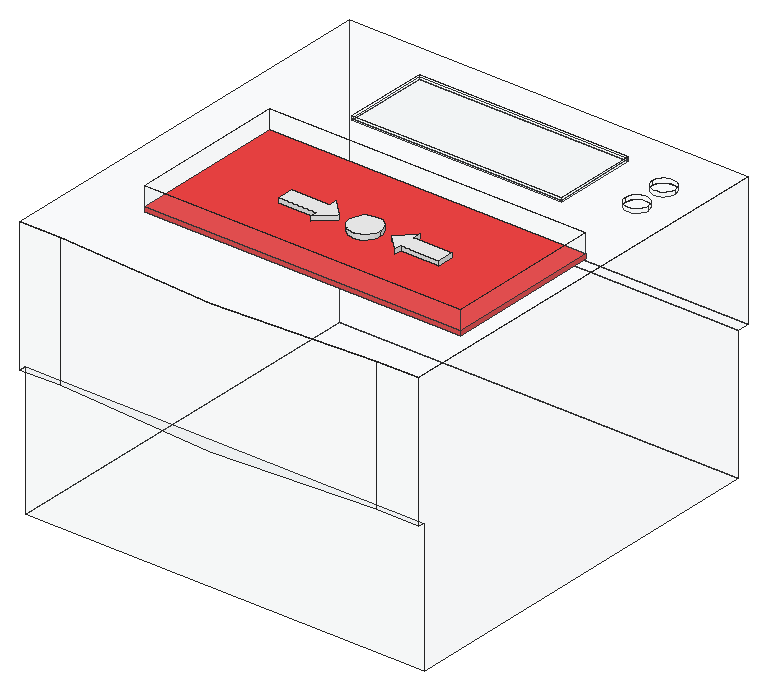
Revit family "Maxlogic Extinguishant manual release button", category Fire Alarm Devices, host Face, Revit 2022
Family settings
  Host = Face
  Round Connector Dimension = Use Diameter
  Part Type = Normal
  OmniClass Number = 23.85.30.21
  OmniClass Title = Environmental Detection/Registration
  Cut with Voids When Loaded = No
  Maintain Annotation Orientation = Yes
  Shared = No
  Room Calculation Point = No
Parameters (values of type "Maxlogic Extinguishant manual release button")
  Weight = "140 gr."
  Weatherproof surface mounting back box = ""
  Warranty Duration Unit = "Year"
  Warranty Duration Parts = "2"
  Warranty Duration Labor = "2"
  Version = ""
  URL = "https://www.mavili.com.tr/en"
  Recessed mounting base = ""
  Public Works Pose Number = "833-260"
  Protective Cover = "ML-0710"
  Protection Sign = "IP22D"
  Product Code = "ML-2710.MR"
  Phone Number = "(+)90 216 466 45 05"
  Operatonal Voltage (default) = "24 V/DC"
  Operating voltage range = "10-30 V/DC"
  Operating temperature = "(-10°C) - (+55°C)"
  Nominal Depth = "58 mm"
  Nominal Width = "87 mm"
  Nominal Height = "91 mm"
  Mounting surface = "Wall mounting"
  Mounting height = "140 cm above from ground (+/-200mm)"
  Model = "MaxLogic"
  Manufacturer = "Mavili Elektronik Ticaret A.Ş."
  Installation Manual = "https://mavilielektronik.com/Revit/ML2710MR_kk.pdf"
  Indicator output = ""
  Fax Number = "(+)90 216 466 45 10"
  External supply = ""
  Email = "mavili@mavili.com.tr"
  Disclaimer = ""
  Device Adress Setup = ""
  Description = "Extinguishant manual release button"
  Default Elevation = 0 mm
  Current consumption = ""
  Cost unıt = ""
  Cost = 0
  Compatible sockets = ""
  Color = "Yellow"
  Code Performance = "EN 12094-3"
  Main Material = "Yellow Plastic ABS"
  Secondary Material = "Plastic"
  Address line 1 = "Şerifali Mahallesi Kutup Sokak No:27/1-2-4 Ümraniye TR-34775 İSTANBUL"
Reference planes
  plane 1 "Center (Front/Back)": y = 0
  plane 2: z = 0
  plane 3 "Center (Left/Right)": x = 0
Forms (mm)
  Extrusion 1, solid, material "Mavili sarı"
    sketch origin (0, 0, 0) x (1, 0, 0) y (0, 1, 0)
      loop
        line (0, 89.883) -> (0, 0) -> (8.74, 0)
        arc (8.74, 0) -> (43.246, -2.016) -> (77.752, 0) r 296.28
        line (77.752, 0) -> (87.027, 0) -> (87.027, 89.883) -> (0, 89.883)
    from 0 to 58
  Extrusion 2, void
    sketch origin (0, 0, 0) x (0, 1, 0) y (0, 0, 1)
      loop
        line (89.883, 29.005) -> (87.283, 29.005) -> (87.283, -4.106) -> (89.883, -4.106) -> (89.883, 29.005)
    from 0 to 90.479
  Extrusion 3, void
    sketch origin (0, 0, 0) x (0, 1, 0) y (0, 0, 1)
      loop
        line (-3.567, 28.975) -> (-3.567, -2.735) -> (1.471, -2.735) -> (1.471, 28.975) -> (-3.567, 28.975)
    from 0 to 87.027
  Extrusion 4, void
    sketch origin (0, 0, 58) x (0, 1, 0) y (1, 0, 0)
      loop
        line (57.252, 8.74) -> (57.252, 77.752) -> (22.919, 77.752) -> (22.919, 8.74) -> (57.252, 8.74)
    from 0 to 5
  Extrusion 5, solid, material "Render Material 255-0-0"
    sketch origin (0, 0, 53) x (0, 1, 0) y (-1, 0, 0)
      loop
        line (57.252, -8.74) -> (22.919, -8.74) -> (22.919, -77.752) -> (57.252, -77.752) -> (57.252, -8.74)
    from 0 to 1
  Extrusion 6, solid, material "Render Material 255-255-255"
    sketch origin (0, 0, 54) x (1, 0, 0) y (0, 1, 0)
      loop
        circle (43.246, 40.085) r 3.37
    from 0 to 1
  Extrusion 7, solid, material "Render Material 255-255-255"
    sketch origin (0, 0, 54) x (1, 0, 0) y (0, 1, 0)
      loop
        line (49.1, 40.085) -> (52.47, 36.715) -> (52.47, 38.309) -> (60.788, 38.309) -> (60.788, 41.861) -> (52.47, 41.861) -> (52.47, 43.455) -> (49.1, 40.085)
    from 0 to 1
  Extrusion 8, solid, material "Render Material 255-255-255"
    sketch origin (86.492, 0, 54) x (-1, 0, 0) y (0, -1, 0)
      loop
        line (49.1, -40.085) -> (52.47, -43.455) -> (52.47, -41.861) -> (60.788, -41.861) -> (60.788, -38.309) -> (52.47, -38.309) -> (52.47, -36.715) -> (49.1, -40.085)
    from 0 to 1
  Extrusion 9, void
    sketch origin (0, 0, 58) x (0, 1, 0) y (1, 0, 0)
      loop
        circle (78.518, 77.752) r 2.471
    from 0 to 1
  Extrusion 10, void
    sketch origin (0, -7.362, 58) x (0, 1, 0) y (1, 0, 0)
      loop
        circle (78.518, 77.752) r 2.471
    from 0 to 1
  Extrusion 11, void
    sketch origin (0, 0, 58) x (0, 1, 0) y (1, 0, 0)
      loop
        line (82.6, 21.063) -> (82.6, 66.836) -> (64.116, 66.836) -> (64.116, 21.063) -> (82.6, 21.063)
    from 0 to 1
  Extrusion 12, solid, material "Mavili sarı"
    sketch origin (0, 0, 57) x (0, 1, 0) y (-1, 0, 0)
      loop
        line (82.6, -21.063) -> (64.116, -21.063) -> (64.116, -66.836) -> (82.6, -66.836) -> (82.6, -21.063)
    from 0 to 0.5
Cuts and joins
  Extrusion 2, Extrusion 3, Extrusion 4, Extrusion 9, Extrusion 10, Extrusion 11 cuts Extrusion 1
Dimensions and locks
  aligned and locked: plane 2 to host face
  aligned and locked: level to host face
